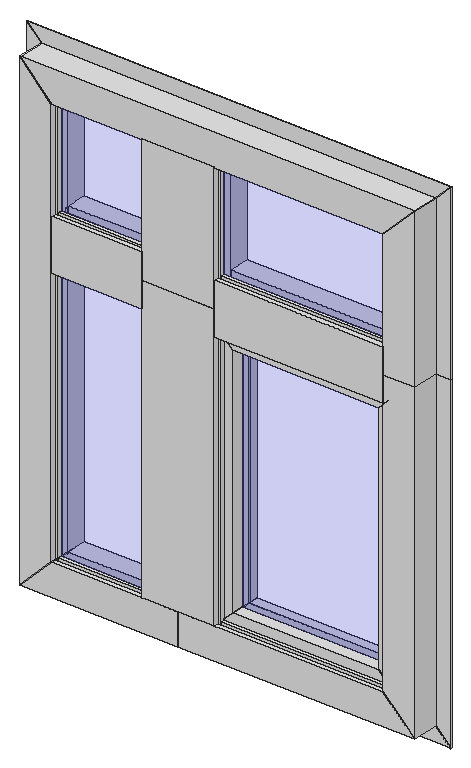
Revit family "511_CP-UT_nailfin", category Windows, host Wall, Revit 2016 (continued)
Automatic sketch dimensions
  Extrusion 28 sketch curve to plane 6 "Head" = 3.01951"
  plane 27 to Extrusion 29 sketch curve = 0.39638"
  Extrusion 29 sketch curve to plane 24 = 0.18415"
  Extrusion 29 sketch curve to Extrusion 29 sketch curve = 0.18935"
  Extrusion 29 sketch curve to plane 4 "Right" = 2.53276"
  plane 21 to Extrusion 29 sketch curve = 1.61438"
  plane 21 to Extrusion 29 sketch curve = 0.53285"
  Extrusion 29 sketch curve to Extrusion 29 sketch curve = 0.22085"
  Extrusion 29 sketch curve to plane 6 "Head" = 2.53276"
  host wall to Extrusion 37 sketch curve = 0.075"
  Extrusion 37 sketch curve to plane 31 "Front of glass" = 0.59594"
  Extrusion 37 sketch curve to Extrusion 37 sketch curve = 0.28406"
  Extrusion 37 sketch curve to plane 3 "Left" = 0.02"
  Extrusion 37 sketch curve to Extrusion 37 sketch curve = 0.04289"
  Extrusion 37 sketch curve to Extrusion 37 sketch curve = 0.14511"
  Extrusion 37 sketch curve to plane 3 "Left" = 0.56819"
  Extrusion 37 sketch curve to Extrusion 37 sketch curve = 1/8"
  plane 25 to Extrusion 37 sketch curve = 0.1865"  (x2)
  Extrusion 37 sketch curve to host wall = 0.68"
  Extrusion 37 sketch curve to Extrusion 37 sketch curve = 0.2505"
  plane 3 "Left" to Extrusion 37 sketch curve = 0.02"
  Extrusion 37 sketch curve to Extrusion 37 sketch curve = 0.08391"
  Extrusion 38 sketch curve to Extrusion 38 sketch curve = 3/8"  (x2)
  plane 22 to Extrusion 38 sketch curve = 0.18888"
  Extrusion 38 sketch curve to Extrusion 38 sketch curve = 0.2505"  (x2)
  Extrusion 38 sketch curve to plane 23 = 0.18177"  (x2)
  Extrusion 38 sketch curve to plane 31 "Front of glass" = 0.59594"  (x2)
  Extrusion 38 sketch curve to Extrusion 38 sketch curve = 0.59706"
  Extrusion 38 sketch curve to Extrusion 38 sketch curve = 0.08391"
  host wall to Extrusion 39 sketch curve = 0.075"
  Extrusion 39 sketch curve to plane 24 = 0.18415"  (x2)
  Extrusion 39 sketch curve to plane 31 "Front of glass" = 0.59594"
  Extrusion 39 sketch curve to Extrusion 39 sketch curve = 0.28406"
  plane 4 "Right" to Extrusion 39 sketch curve = 0.02"
  Extrusion 39 sketch curve to Extrusion 39 sketch curve = 0.02856"
  Extrusion 39 sketch curve to plane 4 "Right" = 0.02"
  Extrusion 39 sketch curve to Extrusion 39 sketch curve = 0.15944"
  plane 4 "Right" to Extrusion 39 sketch curve = 0.56819"
  Extrusion 39 sketch curve to Extrusion 39 sketch curve = 1/8"
  Extrusion 39 sketch curve to host wall = 0.68"
  Extrusion 39 sketch curve to Extrusion 39 sketch curve = 0.2505"
  Extrusion 39 sketch curve to Extrusion 39 sketch curve = 0.08391"
  Extrusion 40 sketch curve to plane 31 "Front of glass" = 0"
  Extrusion 40 sketch curve to Extrusion 40 sketch curve = 3/8"
  Extrusion 40 sketch curve to Extrusion 40 sketch curve = 0.3"
  Extrusion 40 sketch curve to Extrusion 40 sketch curve = 0.075"
  Extrusion 40 sketch curve to plane 31 "Front of glass" = 0.03797"
  Extrusion 40 sketch curve to Extrusion 40 sketch curve = 0.74004"
  Extrusion 40 sketch curve to plane 31 "Front of glass" = 0.818"
  Extrusion 40 sketch curve to Extrusion 40 sketch curve = 0.062"
  Extrusion 40 sketch curve to Extrusion 40 sketch curve = 0.02856"
  Extrusion 40 sketch curve to plane 5 "Sill" = 0.02"
  Extrusion 40 sketch curve to Extrusion 40 sketch curve = 0.15944"
  plane 5 "Sill" to Extrusion 40 sketch curve = 0.02"
  Extrusion 40 sketch curve to Extrusion 40 sketch curve = 1/8"
  Extrusion 40 sketch curve to Extrusion 40 sketch curve = 0.54819"
  Extrusion 40 sketch curve to Extrusion 40 sketch curve = 0.05259"
  plane 18 to Extrusion 40 sketch curve = 0.218"
  plane 18 to Extrusion 40 sketch curve = 1/8"
  Extrusion 40 sketch curve to plane 18 = 0.43809"
  Extrusion 40 sketch curve to Extrusion 40 sketch curve = 0.02423"
  Extrusion 40 sketch curve to plane 18 = 1/2"
  Extrusion 41 sketch curve to plane 31 "Front of glass" = 0"
  Extrusion 41 sketch curve to Extrusion 41 sketch curve = 3/8"  (x2)
  Extrusion 41 sketch curve to Extrusion 41 sketch curve = 0.2505"
  Extrusion 41 sketch curve to Extrusion 41 sketch curve = 0.3"
  Extrusion 41 sketch curve to host wall = 0.4875"
  Extrusion 41 sketch curve to plane 31 "Front of glass" = 0.038"
  Extrusion 41 sketch curve to plane 31 "Front of glass" = 0.59594"
  Extrusion 41 sketch curve to plane 19 = 1/8"
  Extrusion 41 sketch curve to plane 31 "Front of glass" = 0.77801"
  Extrusion 41 sketch curve to plane 10 "HBS" = 0.18189"
  Extrusion 41 sketch curve to Extrusion 41 sketch curve = 0.22206"
  plane 10 "HBS" to Extrusion 41 sketch curve = 0.14043"
  Extrusion 41 sketch curve to Extrusion 41 sketch curve = 0.295"
  plane 19 to Extrusion 41 sketch curve = 0.438"
  Extrusion 41 sketch curve to Extrusion 41 sketch curve = 0.0243"
  plane 19 to Extrusion 41 sketch curve = 1/2"
  Extrusion 41 sketch curve to Extrusion 41 sketch curve = 0.188"  (x2)
  plane 10 "HBS" to Extrusion 41 sketch curve = 0.2151"
  plane 28 to Extrusion 41 sketch curve = 0.50335"
  Extrusion 42 sketch curve to host wall = 0"
  Extrusion 42 sketch curve to Extrusion 42 sketch curve = 3/8"
  Extrusion 42 sketch curve to Extrusion 42 sketch curve = 0.2505"
  host wall to Extrusion 42 sketch curve = 0.075"
  Extrusion 42 sketch curve to plane 31 "Front of glass" = 0.59587"
  Extrusion 42 sketch curve to Extrusion 42 sketch curve = 0.28413"
  plane 6 "Head" to Extrusion 42 sketch curve = 0.02"
  Extrusion 42 sketch curve to Extrusion 42 sketch curve = 0.03464"
  Extrusion 42 sketch curve to Extrusion 42 sketch curve = 0.15336"
  Extrusion 42 sketch curve to plane 6 "Head" = 0.02"
  Extrusion 42 sketch curve to Extrusion 42 sketch curve = 1/8"
  Extrusion 42 sketch curve to Extrusion 42 sketch curve = 0.188"
  plane 21 to Extrusion 42 sketch curve = 0.50321"
  plane 6 "Head" to Extrusion 42 sketch curve = 0.65211"
  Extrusion 42 sketch curve to Extrusion 42 sketch curve = 0.54819"
  Extrusion 48 sketch curve to plane 19 = 0.218"
  Extrusion 48 sketch curve to plane 10 "HBS" = 0.21411"
  plane 10 "HBS" to Extrusion 48 sketch curve = 0.21411"
  Extrusion 48 sketch curve to Extrusion 48 sketch curve = 0.187"
  Extrusion 48 sketch curve to Extrusion 48 sketch curve = 0.188"
  plane 28 to Extrusion 48 sketch curve = 0.50278"
  Extrusion 48 sketch curve to Extrusion 48 sketch curve = 3/8"  (x2)
  Extrusion 48 sketch curve to Extrusion 48 sketch curve = 0.2505"  (x2)
  Extrusion 48 sketch curve to plane 31 "Front of glass" = 0.59583"
  Extrusion 48 sketch curve to plane 31 "Front of glass" = 0.59594"
  Extrusion 48 sketch curve to Extrusion 48 sketch curve = 0.51713"
  plane 5 "Sill" to Extrusion 49 sketch curve = 0.02"
  Extrusion 49 sketch curve to plane 5 "Sill" = 0.02"
  Extrusion 49 sketch curve to Extrusion 49 sketch curve = 0.54819"
  Extrusion 49 sketch curve to Extrusion 49 sketch curve = 0.08392"
  Extrusion 49 sketch curve to Extrusion 49 sketch curve = 0.188"
  Extrusion 49 sketch curve to Extrusion 49 sketch curve = 3/8"
  Extrusion 49 sketch curve to Extrusion 49 sketch curve = 0.2505"
  host wall to Extrusion 49 sketch curve = 0.075"
  Extrusion 49 sketch curve to plane 31 "Front of glass" = 0.59587"
  Extrusion 49 sketch curve to Extrusion 49 sketch curve = 0.28413"
  Extrusion 49 sketch curve to Extrusion 49 sketch curve = 0.03464"
  Extrusion 49 sketch curve to Extrusion 49 sketch curve = 0.15336"
  Extrusion 49 sketch curve to Extrusion 49 sketch curve = 1/8"
  plane 26 to curve 30 = 0"
  curve 31 to plane 26 = 0.07008"
  curve 37 to curve 37 = 2 1/2"
  curve 36 to curve 38 = 2 1/2"
  curve 37 to curve 36 = 2 1/2"
  curve 38 to curve 36 = 2 1/2"
  curve 32 to curve 39 = 1 1/2"
  curve 40 to curve 35 = 2 1/2"
  curve 45 to curve 47 = 2 1/2"
  curve 46 to curve 45 = 2 1/2"
  curve 45 to curve 47 = 0"
  curve 47 to curve 45 = 2 1/2"
  curve 41 to curve 48 = 1 1/2"
  curve 49 to curve 41 = 2 1/2"
  curve 55 to curve 55 = 2 1/2"
  curve 54 to curve 56 = 2 1/2"
  curve 55 to curve 54 = 2 1/2"
  curve 56 to curve 54 = 2 1/2"
  curve 50 to curve 57 = 1 1/2"
  curve 58 to curve 53 = 2 1/2"
  Extrusion 48 sketch curve to host wall = 0.68004"
  Extrusion 48 sketch curve to plane 19 = 0.21479"
  Extrusion 48 sketch curve to Extrusion 48 sketch curve = 0.7445"
  Extrusion 42 sketch curve to host wall = 0.68"
  plane 18 to Extrusion 49 sketch curve = 0.21479"
  Extrusion 49 sketch curve to host wall = 0.68"
  Extrusion 40 sketch curve to host wall = 0.4875"
  Extrusion 41 sketch curve to Extrusion 41 sketch curve = 0.7445"
  Extrusion 45 sketch curve to plane 31 "Front of glass" = 0"
  Extrusion 37 sketch curve to Extrusion 37 sketch curve = 0.7445"
  Extrusion 38 sketch curve to host wall = 0.68"  (x2)
  Extrusion 39 sketch curve to plane 17 = 0.02"
  Extrusion 39 sketch curve to Extrusion 39 sketch curve = 0.7445"
  Extrusion 44 sketch curve to Extrusion 44 sketch curve = 0.7445"
  Extrusion 44 sketch curve to host wall = 0.68"
  Extrusion 47 sketch curve to Extrusion 47 sketch curve = 0.7445"
  Extrusion 2 sketch curve to host wall = 0.4875"
Types (61): name | VBS | MLW4 | MLW3 | MLH | Interior Color | Height | HBS | Exterior Color | Width | CH
  (no name) | 18" | 1 1/2" | 1 1/2" | 12" | White | 36" | 12" | White | 30" | 24"
  36x48 | 18" | 2 1/4" | 2 1/4" | 15" | none | 48" | 18" | none | 36" | 30"
  72x84 | 36" | 4 1/2" | 3 3/4" | 27" | none | 84" | 30" | none | 72" | 54"
  96x96Max | 30" | 8 1/4" | 3" | 36" | none | 96" | 24" | none | 96" | 72"
  27x31.75Min | 13 1/2" | 1 11/16" | 1 1/2" | 9 7/8" | none | 31 3/4" | 12" | none | 27" | 24"
  48x48 | 24" | 3" | 2 1/4" | 15" | none | 48" | 18" | none | 48" | 30"
  60x60 | 36" | 3" | 2 1/4" | 21" | none | 60" | 18" | none | 60" | 42"
  84x84 | 30" | 6 3/4" | 2 1/4" | 33" | none | 84" | 18" | none | 84" | 66"
  30x36 | 18" | 1 1/2" | 1 1/2" | 12" | White | 36" | 12" | White | 30" | 24"
  30x42 | 18" | 1 1/2" | 1 1/2" | 15" | none | 42" | 12" | none | 30" | 30"
  30x48 | 18" | 1 1/2" | 2 1/4" | 15" | none | 48" | 18" | none | 30" | 30"
  30x54 | 18" | 1 1/2" | 2 1/4" | 18" | none | 54" | 18" | none | 30" | 36"
  36x36 | 18" | 2 1/4" | 1 1/2" | 12" | none | 36" | 12" | none | 36" | 24"
  36x42 | 18" | 2 1/4" | 1 1/2" | 15" | none | 42" | 12" | none | 36" | 30"
  36x54 | 18" | 2 1/4" | 2 1/4" | 18" | none | 54" | 18" | none | 36" | 36"
  36x60 | 18" | 2 1/4" | 2 1/4" | 21" | none | 60" | 18" | none | 36" | 42"
  42x36 | 24" | 2 1/4" | 1 1/2" | 12" | none | 36" | 12" | none | 42" | 24"
  42x42 | 24" | 2 1/4" | 1 1/2" | 15" | none | 42" | 12" | none | 42" | 30"
  42x48 | 24" | 2 1/4" | 1 1/2" | 18" | none | 48" | 12" | none | 42" | 36"
  42x54 | 24" | 2 1/4" | 2 1/4" | 18" | none | 54" | 18" | none | 42" | 36"
  42x60 | 24" | 2 1/4" | 2 1/4" | 21" | none | 60" | 18" | none | 42" | 42"
  42x66 | 24" | 2 1/4" | 2 1/4" | 24" | none | 66" | 18" | none | 42" | 48"
  42x72 | 24" | 2 1/4" | 2 1/4" | 27" | none | 72" | 18" | none | 42" | 54"
  48x42 | 24" | 3" | 1 1/2" | 15" | none | 42" | 12" | none | 48" | 30"
  48x54 | 24" | 3" | 2 1/4" | 18" | none | 54" | 18" | none | 48" | 36"
  48x60 | 24" | 3" | 2 1/4" | 21" | none | 60" | 18" | none | 48" | 42"
  48x66 | 24" | 3" | 2 1/4" | 24" | none | 66" | 18" | none | 48" | 48"
  48x72 | 24" | 3" | 2 1/4" | 27" | none | 72" | 18" | none | 48" | 54"
  48x78 | 24" | 3" | 2 1/4" | 30" | none | 78" | 18" | none | 48" | 60"
  54x48 | 30" | 3" | 1 1/2" | 18" | none | 48" | 12" | none | 54" | 36"
  54x54 | 30" | 3" | 2 1/4" | 18" | none | 54" | 18" | none | 54" | 36"
  54x60 | 30" | 3" | 2 1/4" | 21" | none | 60" | 18" | none | 54" | 42"
  54x66 | 30" | 3" | 2 1/4" | 24" | none | 66" | 18" | none | 54" | 48"
  54x72 | 30" | 3" | 2 1/4" | 27" | none | 72" | 18" | none | 54" | 54"
  54x78 | 30" | 3" | 2 1/4" | 30" | none | 78" | 18" | none | 54" | 60"
  54x84 | 30" | 3" | 2 1/4" | 33" | none | 84" | 18" | none | 54" | 66"
  54x90 | 30" | 3" | 2 1/4" | 36" | none | 90" | 18" | none | 54" | 72"
  60x54 | 36" | 3" | 1 1/2" | 21" | none | 54" | 12" | none | 60" | 42"
  60x66 | 36" | 3" | 2 1/4" | 24" | none | 66" | 18" | none | 60" | 48"
  60x72 | 36" | 3" | 2 1/4" | 27" | none | 72" | 18" | none | 60" | 54"
  60x78 | 36" | 3" | 2 1/4" | 30" | none | 78" | 18" | none | 60" | 60"
  60x84 | 30" | 3 3/4" | 2 1/4" | 33" | none | 84" | 18" | none | 60" | 66"
  60x90 | 30" | 3 3/4" | 2 1/4" | 36" | none | 90" | 18" | none | 60" | 72"
  60x96 | 30" | 3 3/4" | 3" | 36" | none | 96" | 24" | none | 60" | 72"
  66x60 | 36" | 3 3/4" | 1 1/2" | 24" | none | 60" | 12" | none | 66" | 48"
  66x66 | 36" | 3 3/4" | 2 1/4" | 24" | none | 66" | 18" | none | 66" | 48"
  66x72 | 36" | 3 3/4" | 2 1/4" | 27" | none | 72" | 18" | none | 66" | 54"
  66x78 | 36" | 3 3/4" | 2 1/4" | 30" | none | 78" | 18" | none | 66" | 60"
  66x84 | 30" | 4 1/2" | 2 1/4" | 33" | none | 84" | 18" | none | 66" | 66"
  66x90 | 30" | 4 1/2" | 2 1/4" | 36" | none | 90" | 18" | none | 66" | 72"
  66x96 | 30" | 4 1/2" | 3" | 36" | none | 96" | 24" | none | 66" | 72"
  84x78 | 36" | 6" | 2 1/4" | 30" | none | 78" | 18" | none | 84" | 60"
  84x90 | 30" | 6 3/4" | 2 1/4" | 36" | none | 90" | 18" | none | 84" | 72"
  84x96 | 30" | 6 3/4" | 3" | 36" | none | 96" | 24" | none | 84" | 72"
  90x78 | 36" | 6 3/4" | 2 1/4" | 30" | none | 78" | 18" | none | 90" | 60"
  90x84 | 30" | 7 1/2" | 2 1/4" | 33" | none | 84" | 18" | none | 90" | 66"
  90x90 | 30" | 7 1/2" | 2 1/4" | 36" | none | 90" | 18" | none | 90" | 72"
  90x96 | 30" | 7 1/2" | 3" | 36" | none | 96" | 24" | none | 90" | 72"
  96x78 | 36" | 7 1/2" | 2 1/4" | 30" | none | 78" | 18" | none | 96" | 60"
  96x84 | 30" | 8 1/4" | 2 1/4" | 33" | none | 84" | 18" | none | 96" | 66"
  96x90 | 30" | 8 1/4" | 2 1/4" | 36" | none | 90" | 18" | none | 96" | 72"
